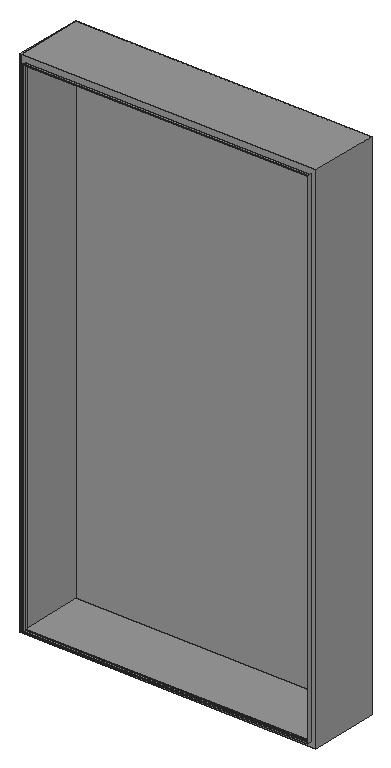
Revit family "Hager-Univers-IP30-D205-H1400-Cl.II-Encl-NoHosted-NL-en", category Equipement électrique, Revit 2020
Family settings
  Configuration du panneau = Deux colonnes, circuits au sein
  Cote de connecteur circulaire = Utiliser le diamètre
  Type d'élément = Tableau de raccordement
  Basée sur le plan de construction = Oui
  Toujours verticalement = Oui
  Couper avec des vides une fois chargée = Non
  Partagée = Non
  Point de calcul de pièce = Non
Parameters (values of type "Surface mounted (plaster) IP30 W800 H1400 D205  - FP93Q1S")
  Width Control [instance] = if([EF000008 - Width] > Min Width, [EF000008 - Width], Min Width)  # 800 mm
  Commentaires du type = [HG000003 - Range]  # "Univers"
  Thickness Door [instance] = if([EF009171 - Material plate thickness door/cover] > 3 mm, 3 mm, [EF009171 - Material plate thickness door/cover])  # 1 mm
  Seal Frame Offset [instance] = 17 mm  # constant formula
  Plinth Visibility [instance] = [HG000027 - Plinth height] > 0 mm  # no
  Min Width [instance] = 100 mm  # constant formula
  Min Depth [instance] = (2 * [EF009170 - Material plate thickness cabinet]) + 1 mm  # 3 mm
  Min Height [instance] = 100 mm  # constant formula
  Internal Frame Depth [instance] = (Door System Depth * 0.5)  # 9 mm
  Panel Name [instance] = ""  # (empty or 0)
  Model = ""
  HG000027 - Plinth height = 0 mm
  HG000026 - Floor standing = no
  HG000024 - Bottom section height = 600 mm
  HG000023 - Double section enclosure = no
  HG000016 - Door 3d visibility [instance] = yes
  HG000015 - Clearance visibility [instance] = no
  HG000014 - Door on the right [instance] = yes
  HG000013 - Door on the left [instance] = not([HG000014 - Door on the right])  # no
  HG000012 - Door swing angle [instance] = 30.00°
  HG000010 - Asymmetric doors = no
  HG000009 - Double swing door = no
  HG000006 - Flush mounted = no
  HG000004 - Manufacturer reference = "FP93Q1S"
  HG000003 - Range = "Univers"
  HG000002 - With door or cover = no
  Frame Offset Bottom [instance] = 10 mm  # constant formula
  Frame Offset [instance] = 15 mm  # constant formula
  EF015940 - Cover with overpressure release = no
  EF011959 - Degree of protection (NEMA) = ""
  EF009554 - Number of openings for flange plates = 6
  EF009212 - Cover model = "EV009916 - With notch"
  EF009171 - Material plate thickness door/cover = 1 mm
  EF009170 - Material plate thickness cabinet = 1 mm
  EF008873 - Nominal current (In) = 250 A
  EF007800 - Suitable for lightning protection = no
  EF006306 - With lock = no
  EF006244 - Transparent cover/door = no
  EF005474 - Degree of protection (IP) = "EV006410 - IP30"
  EF004464 - Type of door = "EV000494 - None"
  EF004427 - Number of modules = 324
  EF004293 - Impact strength = "EV006813 - IK07"
  EF003532 - Suitable for outdoor use = no
  EF002950 - Width in number of modular spacings = 36
  EF001613 - Circuit integrity = "EV000494 - None"
  EF001596 - Material housing = "EV000179 - Steel"
  EF001131 - Internal depth = 130 mm
  EF001088 - Extension possible = yes
  EF000437 - Number of conduit inlets = 6
  EF000339 - Type of cover = "EV000494 - None"
  EF000266 - Number of rows = 9
  EF000218 - Built-in depth = 0 mm
  EF000118 - With mounting plate = no
  EF000116 - RAL-number = "9010"
  EF000049 - Depth = 205 mm
  EF000040 - Height = 1400 mm
  EF000008 - Width = 800 mm
  EF000007 - Colour = "EV000202 - White"
  EF000003 - Mounting method = "EV000384 - Surface mounted (plaster)"
  Door System Leaf Tolerance [instance] = 1.5 mm  # constant formula
  Door System Depth [instance] = 18 mm  # constant formula
  Door Height [instance] = Height Control - [HG000027 - Plinth height]  # 1400 mm
  Description = ""
  Default Elevation = 1219.2 mm
  Connector Offset [instance] = Height Control / 2  # 700 mm
  Fabricant = "Hager"  # constant formula
  Height Control [instance] = if([EF000040 - Height] > Min Height, [EF000040 - Height], Min Height)  # 1400 mm
  Depth Control [instance] = if([EF000049 - Depth] > Min Depth, [EF000049 - Depth], Min Depth)  # 205 mm
  Bottom Top Plate Trim [instance] = 1.5 mm  # constant formula
  Plinth height Ctrl [instance] = if([HG000027 - Plinth height] > 0 mm, [HG000027 - Plinth height], 12 mm)  # 12 mm
Types (5, lengths in mm): name | Width Control | HG000004 - Manufacturer reference | EF009554 - Number of openings for flange plates | EF004427 - Number of modules | EF002950 - Width in number of modular spacings | EF000437 - Number of conduit inlets | EF000008 - Width
  Surface mounted (plaster) IP30 W1050 H1400 D205  - FP94Q1S | 1050 | "FP94Q1S" | 8 | 432 | 48 | 8 | 1050
  Surface mounted (plaster) IP30 W1300 H1400 D205  - FP95Q1S | 1300 | "FP95Q1S" | 10 | 540 | 60 | 10 | 1300
  Surface mounted (plaster) IP30 W300 H1400 D205  - FP91Q1S | 300 | "FP91Q1S" | 2 | 108 | 12 | 2 | 300
  Surface mounted (plaster) IP30 W550 H1400 D205  - FP92Q1S | 550 | "FP92Q1S" | 4 | 216 | 24 | 4 | 550
  Surface mounted (plaster) IP30 W800 H1400 D205  - FP93Q1S | 800 | "FP93Q1S" | 6 | 324 | 36 | 6 | 800
Reference planes
  plane 1 "Center (Front/Back)": y = 0
  plane 2: z = 0
  plane 3 "Center (Left/Right)": x = 0
  plane 4: y = 0
  plane 5: y = 0
  plane 6: z = 0
  plane 7: x = -400
  plane 8: x = 400
  plane 9: x = 399
  plane 10: x = -399
  plane 11: z = 0
  plane 12: z = 1
  plane 13: y = -205
  plane 14: y = -1
  plane 15: x = 0
  plane 16: y = -187
  plane 17: y = -204
  plane 18: y = -186
  plane 19: x = -384
  plane 20: x = 384
  plane 21: z = 11
  plane 22: x = -383
  plane 23: x = 383
  plane 24: z = 0
  plane 25: z = 1400
  plane 26: z = 1400
  plane 27: z = 1384
  plane 28: z = 1399
Forms (mm)
  Extrusion 1, solid, material "Hager_Steel_RAL7035_Light_Grey", detail levels medium+fine
    sketch origin (-208.679, -4572, 0) x (-1, 0, 0) y (0, -1, 0)
      loop
        line (191.321, -4385) -> (-608.679, -4385) -> (-608.679, -4572) -> (191.321, -4572) -> (191.321, -4385)
    from 0 to 1400
  Extrusion 2, void
    sketch origin (-350.771, -205, 1219.2) x (1, 0, 0) y (0, 0, 1)
      loop
        line (-48.229, 179.8) -> (-48.229, -1218.2) -> (749.771, -1218.2) -> (749.771, 179.8) -> (-48.229, 179.8)
    from -19 to -204
  Extrusion 3, void
    sketch origin (-290.084, -187, 1219.2) x (1, 0, 0) y (0, 0, 1)
      loop
        line (-93.916, -1208.2) -> (674.084, -1208.2) -> (674.084, 164.8) -> (-93.916, 164.8) -> (-93.916, -1208.2)
    from 0 to -1
  Extrusion 4, solid, material "Hager_Steel_RAL7035_Light_Grey", visible <- "Plinth Visibility", detail levels medium+fine
    sketch origin (0, 0, 0) x (1, 0, 0) y (0, 1, 0)
      loop
        line (-400, 0) -> (-400, -187) -> (400, -187) -> (400, 0) -> (-400, 0)
    from 0 to 12 <- "Plinth height Ctrl"
  Extrusion 5, solid, material "Hager_Steel_RAL7035_Light_Grey", detail levels coarse
    sketch origin (0, 0, 0) x (1, 0, 0) y (0, 1, 0)
      loop
        line (-400, 0) -> (-400, -205) -> (400, -205) -> (400, 0) -> (-400, 0)
    from 0 to 1400 <- "Height Control"
  Sweep 6, void
    path in 3D
      loop
        line (-400, -187, 12) -> (400, -187, 12) -> (400, 0, 12) -> (-400, 0, 12) -> (-400, -187, 12)
    profile origin (-400, -93.5, 12) x (1, 0, 0) y (0, 0, 1)
      loop
        line (0, 0) -> (0, -1.5) -> (1.5, -1.5)
        arc (1.5, -1.5) -> (1.061, -0.439) -> (0, 0) r 1.5
  Extrusion 7, solid, material "Hager_Steel_RAL7035_Light_Grey", detail levels fine
    sketch origin (-400, -187, 0) x (1, 0, 0) y (0, 0, 1)
      loop
        line (16, 11) -> (784, 11) -> (784, 1384) -> (16, 1384) -> (16, 11)
      loop
        line (15, 10) -> (785, 10) -> (785, 1385) -> (15, 1385) -> (15, 10)
    from 0 to 9 <- "Internal Frame Depth"
Cuts and joins
  Extrusion 2, Extrusion 3 cuts Extrusion 1
  Sweep 6 cuts Extrusion 4
Lines and regions (mm)
  Masking region 1
    outline origin (0, 0, 0) x (1, 0, 0) y (0, 1, 0)
      loop
        line (-400, 0) -> (-400, -205) -> (400, -205) -> (400, 0) -> (-400, 0)
  Masking region 2, detail levels coarse
    outline origin (-290.084, -187, 1219.2) x (-1, 0, 0) y (0, 0, 1)
      loop
        line (-690.084, -1219.2) -> (109.916, -1219.2) -> (109.916, 180.8) -> (-690.084, 180.8) -> (-690.084, -1219.2)
  Masking region 3, detail levels coarse
    outline origin (0, 0, 0) x (0, 1, 0) y (0, 0, 1)
      loop
        line (0, 0) -> (0, 1400) -> (-205, 1400) -> (-205, 0) -> (0, 0)
  Masking region 4, visible <- "Plinth Visibility", detail levels medium+fine
    outline origin (0, 0, 0) x (0, 1, 0) y (0, 0, 1)
      loop
        line (-1.5, 12) -> (-185.5, 12)
        arc (-185.5, 12) -> (-185.939, 10.939) -> (-187, 10.5) r 1.5
        line (-187, 10.5) -> (-187, 0) -> (0, 0) -> (0, 10.5)
        arc (0, 10.5) -> (-1.061, 10.939) -> (-1.5, 12) r 1.5
  Masking region 5, detail levels medium+fine
    outline origin (0, 0, 594.038) x (0, 1, 0) y (0, 0, 1)
      loop
        line (0, -594.038) -> (0, 805.962) -> (-187, 805.962) -> (-187, -594.038) -> (0, -594.038)
  Masking region 6, detail levels medium+fine
    outline origin (-359.7, -187, 1211.883) x (-1, 0, 0) y (0, 0, 1)
      loop
        line (-759.7, -1211.883) -> (40.3, -1211.883) -> (40.3, 188.117) -> (-759.7, 188.117) -> (-759.7, -1211.883)
  Masking region 7, visible <- "Plinth Visibility", detail levels medium+fine
    outline origin (-320.334, -187, 1041.368) x (-1, 0, 0) y (0, 0, 1)
      loop
        line (-720.334, -1041.368) -> (79.666, -1041.368) -> (79.666, -1030.868)
        arc (79.666, -1030.868) -> (78.606, -1030.429) -> (78.166, -1029.368) r 1.5
        line (78.166, -1029.368) -> (-718.834, -1029.368)
        arc (-718.834, -1029.368) -> (-719.273, -1030.429) -> (-720.334, -1030.868) r 1.5
        line (-720.334, -1030.868) -> (-720.334, -1041.368)
  sketch lines
    curve 1: line (-400, 0, 12) -> (-400, -187, 12)
    curve 2: line (-400, -187, 12) -> (400, -187, 12)
    curve 3: line (400, 0, 12) -> (-400, 0, 12)
    curve 4: line (400, -187, 12) -> (400, 0, 12)
Dimensions and locks
  locked: plane 1 "Center (Front/Back)" to plane 5
  "EF009170 - Material plate thickness cabinet": plane 7 to plane 10
  "EF009170 - Material plate thickness cabinet": plane 8 to plane 9
  equal spacing: plane 7, plane 3 "Center (Left/Right)", plane 8
  "Width Control": plane 7 to plane 8
  "Depth Control": plane 4 to plane 13
  "EF009170 - Material plate thickness cabinet": plane 4 to plane 14
  "Height Control": plane 25 to level
  "HG000027 - Plinth height": plane 11 to level
  "EF009170 - Material plate thickness cabinet": plane 12 to plane 11
  "EF009170 - Material plate thickness cabinet": plane 17 to plane 13
  "EF009170 - Material plate thickness cabinet": plane 18 to plane 16
  "Frame Offset Bottom": plane 21 to plane 12
  "Frame Offset": plane 10 to plane 19
  "Frame Offset": plane 9 to plane 20
  "Door System Depth": plane 16 to plane 13
  "Seal Frame Offset": plane 7 to plane 22
  "Seal Frame Offset": plane 8 to plane 23
  "EF009170 - Material plate thickness cabinet": plane 26 to plane 28
  "Frame Offset": plane 28 to plane 27
  "Connector Offset": plane 2 to connector elem
  "Bottom Top Plate Trim": profile plane to Sweep 6 sketch curve
  "Bottom Top Plate Trim": Sweep 6 sketch curve to Sweep 6 sketch curve
  "Plinth height Ctrl": Masking region 4 sketch curve to level
  "Plinth height Ctrl": Masking region 7 sketch curve to level
  "Thickness Door": Extrusion 7 sketch curve to Extrusion 7 sketch curve  (x4)
  "Bottom Top Plate Trim": radius of Sweep 6 sketch curve
  "Bottom Top Plate Trim": radius of Masking region 4 sketch curve  (x2)
  "Bottom Top Plate Trim": radius of Masking region 7 sketch curve  (x2)
  aligned and locked: Extrusion 2 sketch curve to plane 12
  aligned and locked: Extrusion 2 sketch curve to plane 9
  aligned and locked: Extrusion 2 sketch curve to plane 10
  aligned and locked: Extrusion 2 to plane 14
  aligned and locked: Extrusion 1 sketch curve to plane 4
  aligned and locked: plane 8 to Extrusion 1 sketch curve
  aligned and locked: plane 7 to Extrusion 1 sketch curve
  aligned and locked: Extrusion 2 to plane 18
  aligned and locked: Extrusion 3 sketch curve to plane 19
  aligned and locked: plane 20 to Extrusion 3 sketch curve
  aligned and locked: Extrusion 3 to Extrusion 2
  aligned and locked: Extrusion 3 sketch curve to plane 21
  aligned and locked: plane 3 "Center (Left/Right)" to nested 1
  aligned and locked: Extrusion 1 sketch curve to plane 16
  aligned and locked: Extrusion 4 sketch curve to cut or joined group of Extrusion 1, Extrusion 2, Extrusion 3
  aligned and locked: Masking region 1 sketch curve to plane 7
  aligned and locked: Masking region 1 sketch curve to plane 5
  aligned and locked: Masking region 1 sketch curve to plane 8
  aligned and locked: Masking region 2 sketch curve to level
  aligned and locked: level to Masking region 3 sketch curve
  aligned and locked: plane 1 "Center (Front/Back)" to Masking region 3 sketch curve
  aligned and locked: plane 13 to Masking region 3 sketch curve
  aligned and locked: plane 5 to Masking region 4 sketch curve
  aligned and locked: Masking region 2 sketch curve to plane 8
  aligned and locked: Masking region 2 sketch curve to plane 7
  aligned and locked: plane 7 to nested 2
  aligned and locked: nested 2 to plane 5
  aligned and locked: plane 5 to Masking region 5 sketch curve
  aligned and locked: plane 26 to Masking region 5 sketch curve
  aligned and locked: Extrusion 5 sketch curve to plane 8
  aligned and locked: Extrusion 5 sketch curve to plane 7
  aligned and locked: Extrusion 5 sketch curve to plane 5
  aligned and locked: Extrusion 3 sketch curve to plane 27
  aligned and locked: Extrusion 2 sketch curve to plane 28
  aligned and locked: Masking region 2 to plane 25
  aligned and locked: Extrusion 4 to plane 16
  aligned and locked: profile plane to Sweep 6 sketch curve
  aligned and locked: Masking region 5 sketch curve to plane 24
  aligned and locked: level to Masking region 4 sketch curve
  aligned and locked: Masking region 1 to plane 13
  aligned and locked: nested 1 to plane 16
  aligned and locked: Masking region 3 to plane 25
  aligned and locked: plane 16 to Masking region 4 sketch curve
  aligned and locked: Masking region 5 sketch curve to plane 16
  aligned and locked: plane 24 to plane 11
  aligned and locked: plane 26 to plane 25
  aligned and locked: plane 26 to cut or joined group of Extrusion 1, Extrusion 2, Extrusion 3
  aligned and locked: nested 1 to plane 24
  aligned and locked: Extrusion 1 to Extrusion 3
  aligned and locked: Masking region 6 sketch curve to plane 8
  aligned and locked: Masking region 6 sketch curve to plane 24
  aligned and locked: Masking region 6 sketch curve to plane 7
  aligned and locked: Masking region 6 sketch curve to plane 26
  aligned and locked: Masking region 7 sketch curve to plane 7
  aligned and locked: level to Masking region 7 sketch curve
  aligned and locked: Masking region 7 sketch curve to plane 8
  aligned and locked: Extrusion 7 sketch curve to cut or joined group of Extrusion 1, Extrusion 2, Extrusion 3  (x4)
Automatic sketch dimensions
  plane 19 to Extrusion 3 sketch curve = 0 mm
  Extrusion 3 sketch curve to plane 20 = 0 mm
  Extrusion 3 sketch curve to plane 21 = 0 mm
  Extrusion 4 sketch curve to plane 7 = 0 mm
  Extrusion 4 sketch curve to plane 8 = 0 mm
  Extrusion 4 sketch curve to plane 16 = 0 mm
  Masking region 1 sketch curve to plane 13 = 0 mm
  Masking region 2 sketch curve to plane 25 = 0 mm
  Masking region 3 sketch curve to plane 25 = 0 mm
  Extrusion 5 sketch curve to plane 13 = 0 mm
  profile plane to Sweep 6 sketch curve = 0 mm
Nested families
  nested 1: "EC000058_Univers_Door" at (0, -187, 0), Double <- "HG000009 - Double swing door", Transparent <- "EF006244 - Transparent cover/door", Angle <- "HG000012 - Door swing angle", Door_Right <- "HG000014 - Door on the right", Assymetrical <- "HG000010 - Asymmetric doors", Door <- "HG000002 - With door or cover", Width_Ctrl <- "Width Control", 3d_Door <- "HG000016 - Door 3d visibility", Clearance <- "HG000015 - Clearance visibility", Door_Left <- "HG000013 - Door on the left", Width <- "Width Control", Door_Depth <- "Door System Depth", Leaf_Tolerance <- "Door System Leaf Tolerance", Height <- "Door Height", Lock_Visibility <- "EF006306 - With lock", Thickness <- "Thickness Door", type "EC000058_Univers_Door", detail levels medium+fine
    with min_wh 3 mm, Width_Ctrl 800 mm, Width 800 mm, Transparent no, Thickness 1 mm, Seal_Material Hager_Rubber, Lock_Visibility no, Lock_Material Hager_Plastic_RAL9005_Jet_Black, Leaf_Width 800 mm, Leaf_Tolerance_External_Sides 0 mm, Leaf_Tolerance 1.5 mm, Leaf_Offset 0 mm, Leaf_Height 1397 mm, Leaf_2_Width 800 mm, Leaf_2_Offset 400 mm, Leaf_1_Width 800 mm, Leaf_1_Offset 400 mm, Height_Ctrl 1400 mm, Height 1400 mm, Glass_Material Hager_Glass, Double_Clearance_Ctrl no, Double no, Door_Right_Ctrl no, Door_Right yes, Door_Material Hager_Steel_RAL7035_Light_Grey, Door_Left_Ctrl no, Door_Left no, Door_Depth 18 mm, Door no, Clearance_Material Hager_Clearance, Clearance_Depth 800 mm, Clearance_Ctrl no, Clearance no, Assymetrical no, Angle 30.00°, 3d_Door yes
  nested 2: "Hager_Enclosure_Symbol" at (-400, 0, 0), Height <- "Depth Control", Width <- "Width Control", type "Hager_Enclosure_Symbol"
    with Width_Ctrl 800 mm, Width 800 mm, Height_Ctrl 205 mm, Height 205 mm, A_Width_Int 13.453 mm, A_Width 161.438 mm, A_Height_Ctrl 179.375 mm, A_Height 179.375 mm
Connectors
  electrical at (0, 0, 700)
    settings: on plane 1 "Center (Front/Back)", index 1, voltage 0 V, apparent load 0 VA, apparent load phase1 0 VA, apparent load phase2 0 VA, apparent load phase3 0 VA, power factor 1, load classification "Other", number of poles 1, system type 30, power factor state 1, is connector primary yes, connector utility no, sub classification motor no, connector description ""
Definition of nested family "EC000058_Univers_Door"
  Parameters (values of type "EC000058_Univers_Door")
    min_wh [instance] = (2 * Thickness) + 1 mm  # 11 mm
    Width_Ctrl [instance] = 400 mm
    Width [instance] = 500 mm
    Transparent [instance] = yes
    Thickness [instance] = 5 mm
    Seal_Material [instance] = none
    Lock_Visibility [instance] = yes
    Lock_Material [instance] = none
    Leaf_Width [instance] = if((Width_Ctrl - 2 * Leaf_Tolerance_External_Sides) > 0 mm, (Width_Ctrl - 2 * Leaf_Tolerance_External_Sides), min_wh)  # 400 mm
    Leaf_Tolerance_External_Sides [instance] = 0 mm  # constant formula
    Leaf_Tolerance [instance] = 1.5 mm
    Leaf_Offset [instance] = 0 mm  # constant formula
    Leaf_Height [instance] = if((Height_Ctrl - 2 * Leaf_Tolerance) > 0 mm, (Height_Ctrl - 2 * Leaf_Tolerance), min_wh)  # 497 mm
    Leaf_2_Width [instance] = if(and(and(Double, Assymetrical), Door_Left), (Leaf_Width / 3) - (Leaf_Tolerance / 2), if(and(and(Double, Assymetrical), Door_Right), (Leaf_Width / 3) * 2 - (Leaf_Tolerance / 2), if(and(Double, not(Assymetrical)), (Leaf_Width / 2) - Leaf_Tolerance, Leaf_Width)))  # 400 mm
    Leaf_2_Offset [instance] = if(and(Double, Assymetrical), Leaf_2_Width / 2, if(and(Double, not(Assymetrical)), Leaf_Width / 4, Leaf_Width / 2))  # 200 mm
    Leaf_1_Width [instance] = if(and(and(Double, Assymetrical), Door_Right), (Leaf_Width / 3) - (Leaf_Tolerance / 2), if(and(and(Double, Assymetrical), Door_Left), (Width / 3) * 2 - (Leaf_Tolerance / 2), if(and(Double, not(Assymetrical)), (Leaf_Width / 2) - Leaf_Tolerance, Leaf_Width)))  # 400 mm
    Leaf_1_Offset [instance] = if(and(Double, Assymetrical), Leaf_1_Width / 2, if(and(Double, not(Assymetrical)), Leaf_Width / 4, Leaf_Width / 2))  # 200 mm
    Height_Ctrl [instance] = if(Height > min_wh, Height, min_wh)  # 500 mm
    Height [instance] = 500 mm
    Glass_Material [instance] = none
    Double_Clearance_Ctrl [instance] = and(Double, Clearance)  # no
    Double [instance] = no
    Door_Right_Ctrl [instance] = and(or(Door_Right, Double), Door)  # yes
    Door_Right [instance] = yes
    Door_Material [instance] = none
    Door_Left_Ctrl [instance] = and(or(Door_Left, Double), Door)  # no
    Door_Left [instance] = no
    Door_Depth [instance] = 30 mm
    Door [instance] = yes
    Default Elevation = 1219.2 mm
    Clearance_Material [instance] = none
    Clearance_Depth [instance] = if(Leaf_1_Width > Leaf_2_Width, Leaf_1_Width, Leaf_2_Width)  # 400 mm
    Clearance_Ctrl [instance] = and(not(Double), Clearance)  # yes
    Clearance [instance] = yes
    Assymetrical [instance] = yes
    Angle [instance] = 30.00°
    3d_Door [instance] = yes
  Reference planes
    plane 1 "Center (Front/Back)": y = 0
    plane 2 "Bottom": z = 0
    plane 3 "Center (Left/Right)": x = 0
    plane 4: z = 500
    plane 5: x = -200
    plane 6: x = 200
    plane 7: z = 500
    plane 8: x = -200
    plane 9: z = 0
    plane 10: x = 200
    plane 11: y = 0
    plane 12: z = 1.5
    plane 13: x = -600
    plane 14: y = -400
    plane 15: x = 600
    plane 16: x = 0
    plane 17: x = 0
    plane 18: x = -200
    plane 19: x = 200
    plane 20: z = 498.5
  Forms (mm)
    Extrusion 1, solid, material <- "Clearance_Material", visible <- "Double_Clearance_Ctrl"
      sketch origin (1200, 0, 0) x (1, 0, 0) y (0, 0, -1)
        loop
          line (-1800, -498.5) -> (-600, -498.5) -> (-600, 0) -> (-1800, 0) -> (-1800, -498.5)
      from 0 to -400
  Dimensions and locks
    equal spacing: plane 5, plane 3 "Center (Left/Right)", plane 6
    "Width_Ctrl": plane 5 to plane 6
    "Leaf_Offset": plane 5 to plane 8
    "Leaf_Offset": plane 6 to plane 10
    "Leaf_Offset": plane 9 to level
    "Leaf_Offset": plane 4 to plane 7
    "Height_Ctrl": plane 4 to level
    "Leaf_Tolerance": plane 12 to plane 9
    locked: plane 11 to plane 1 "Center (Front/Back)"
    "Leaf_1_Offset": plane 18 to plane 16
    "Leaf_2_Offset": plane 17 to plane 19
    "Leaf_1_Width": plane 13 to plane 8
    "Leaf_2_Width": plane 10 to plane 15
    "Clearance_Depth": plane 14 to plane 1 "Center (Front/Back)"
    "Leaf_Tolerance_External_Sides": plane 8 to plane 18
    "Leaf_Tolerance_External_Sides": plane 19 to plane 10
    "Leaf_Tolerance": plane 7 to plane 20
    aligned and locked: level to plane 2 "Bottom"
    aligned and locked: nested 1 to plane 16
    aligned and locked: nested 2 to plane 17
    aligned and locked: Extrusion 1 to plane 13
    aligned and locked: plane 15 to Extrusion 1
    aligned and locked: Extrusion 1 to plane 14
    aligned and locked: plane 12 to nested 1
    aligned and locked: nested 2 to plane 12
    aligned and locked: Extrusion 1 to plane 11
    aligned and locked: plane 20 to Extrusion 1
    aligned and locked: nested 2 to plane 11
    aligned and locked: nested 1 to plane 11
  Automatic sketch dimensions
    Extrusion 1 sketch curve to level = 0 mm
    plane 5 to Extrusion 1 sketch curve = 400 mm
    plane 6 to Extrusion 1 sketch curve = 400 mm
    Extrusion 1 sketch curve to plane 4 = 1.5 mm
  Nested families
    nested 1: "EC000058_Univers_Door_Leaf" at (0, 0, 1.5), Width <- "Leaf_1_Width", visible <- "Door_Left_Ctrl", Leaf_Height <- "Leaf_Height", Angle <- "Angle", 3d_Door <- "3d_Door", Transparent <- "Transparent", Clearance Material <- "Clearance_Material", Clearance <- "Clearance_Ctrl", Door_Material <- "Door_Material", Glass_Material <- "Glass_Material", Door_Depth <- "Door_Depth", Lock_Material <- "Lock_Material", Seal_Material <- "Seal_Material", Lock_Visibility <- "Lock_Visibility", Thickness <- "Thickness", type "EC000058_Univers_Door_Leaf"
      with Width 400 mm, Transparent_Glass_Offset 30 mm, Transparent_Ctrl yes, Transparent yes, Thickness 5 mm, Standard no, Seal_Material none, Seal_D2 8 mm, Seal_D1 1 mm, Offset_Internal_Frame 10 mm, Lock_Width 20 mm, Lock_Visibility_3d yes, Lock_Visibility yes, Lock_Thickness_3 3 mm, Lock_Thickness_2 1 mm, Lock_Thickness_1 3 mm, Lock_Radius_Offset_2 16 mm, Lock_Radius_Offset_1 15 mm, Lock_Radius_2 5 mm, Lock_Radius 6 mm, Lock_Offset 5 mm, Lock_Material none, Lock_Height 80 mm, Lock_Cover_Top_Offset_2d 17 mm, Lock_Cover_Height -65 mm, Leaf_Height 497 mm, Internal_Seal_Thickness 8 mm, Internal_Seal_Depth_2 4.5 mm, Internal_Frame_Depth 25 mm, Glass_Thickness -1 mm, Glass_Offset -2 mm, Glass_Material none, Door_Material none, Door_Depth 30 mm, Clearance Material none, Clearance yes, Angle_Ctrl 30.00°, Angle 30.00°, 3d_Door yes
    nested 2: "EC000058_Univers_Door_Leaf" at (0, 0, 1.5) x (-1, 0, 0) z (0, 0, 1), Width <- "Leaf_2_Width", visible <- "Door_Right_Ctrl", Leaf_Height <- "Leaf_Height", Angle <- "Angle", 3d_Door <- "3d_Door", Transparent <- "Transparent", Clearance Material <- "Clearance_Material", Clearance <- "Clearance_Ctrl", Door_Material <- "Door_Material", Glass_Material <- "Glass_Material", Door_Depth <- "Door_Depth", Lock_Material <- "Lock_Material", Seal_Material <- "Seal_Material", Lock_Visibility <- "Lock_Visibility", Thickness <- "Thickness", type "EC000058_Univers_Door_Leaf"
      with Width 400 mm, Transparent_Glass_Offset 30 mm, Transparent_Ctrl yes, Transparent yes, Thickness 5 mm, Standard no, Seal_Material none, Seal_D2 8 mm, Seal_D1 1 mm, Offset_Internal_Frame 10 mm, Lock_Width 20 mm, Lock_Visibility_3d yes, Lock_Visibility yes, Lock_Thickness_3 3 mm, Lock_Thickness_2 1 mm, Lock_Thickness_1 3 mm, Lock_Radius_Offset_2 16 mm, Lock_Radius_Offset_1 15 mm, Lock_Radius_2 5 mm, Lock_Radius 6 mm, Lock_Offset 5 mm, Lock_Material none, Lock_Height 80 mm, Lock_Cover_Top_Offset_2d 17 mm, Lock_Cover_Height -65 mm, Leaf_Height 497 mm, Internal_Seal_Thickness 8 mm, Internal_Seal_Depth_2 4.5 mm, Internal_Frame_Depth 25 mm, Glass_Thickness -1 mm, Glass_Offset -2 mm, Glass_Material none, Door_Material none, Door_Depth 30 mm, Clearance Material none, Clearance yes, Angle_Ctrl 30.00°, Angle 30.00°, 3d_Door yes
  Definition of nested family "EC000058_Univers_Door_Leaf"
    Parameters (values of type "EC000058_Univers_Door_Leaf")
      Width [instance] = 2000 mm
      Transparent_Glass_Offset [instance] = 30 mm
      Transparent_Ctrl [instance] = and(Transparent, [3d_Door])  # yes
      Transparent [instance] = yes
      Thickness [instance] = 5 mm
      Standard [instance] = and(not(Transparent), [3d_Door])  # no
      Seal_Material [instance] = none
      Seal_D2 [instance] = 8 mm  # constant formula
      Seal_D1 [instance] = 1 mm  # constant formula
      Offset_Internal_Frame [instance] = 10 mm  # constant formula
      Lock_Width [instance] = 20 mm  # constant formula
      Lock_Visibility_3d [instance] = and(Lock_Visibility, [3d_Door])  # yes
      Lock_Visibility [instance] = yes
      Lock_Thickness_3 [instance] = 3 mm  # constant formula
      Lock_Thickness_2 [instance] = 1 mm  # constant formula
      Lock_Thickness_1 [instance] = 3 mm  # constant formula
      Lock_Radius_Offset_2 [instance] = Lock_Radius_Offset_1 + 1 mm  # 16 mm
      Lock_Radius_Offset_1 [instance] = 15 mm  # constant formula
      Lock_Radius_2 [instance] = Lock_Radius - 1 mm  # 5 mm
      Lock_Radius [instance] = 6 mm  # constant formula
      Lock_Offset [instance] = 5 mm  # constant formula
      Lock_Material [instance] = none
      Lock_Height [instance] = 80 mm  # constant formula
      Lock_Cover_Top_Offset_2d [instance] = Lock_Radius_Offset_2 + 1 mm  # 17 mm
      Lock_Cover_Height [instance] = -(Lock_Height - Lock_Radius_Offset_1)  # -65 mm
      Leaf_Height [instance] = 2720.336 mm
      Internal_Seal_Thickness [instance] = 8 mm  # constant formula
      Internal_Seal_Depth_2 [instance] = 4.5 mm  # constant formula
      Internal_Frame_Depth [instance] = if(Door_Depth - Thickness > 5 mm, Door_Depth - Thickness, 5 mm)  # 25 mm
      Glass_Thickness [instance] = if(Thickness > 15 mm, Glass_Offset + 10 mm, -1 mm)  # -1 mm
      Glass_Offset [instance] = if(Thickness > 15 mm, -(Thickness + 10 mm) / 2, -2 mm)  # -2 mm
      Glass_Material [instance] = none
      Door_Material [instance] = none
      Door_Depth [instance] = 30 mm
      Default Elevation = 0 mm
      Clearance Material [instance] = none
      Clearance [instance] = yes
      Angle_Ctrl [instance] = if(Angle > 180.00°, 180.00°, Angle)  # 90.00°
      Angle [instance] = 90.00°
      3d_Door [instance] = yes
    Reference planes
      plane 1 "Center (Front/Back)": y = 0
      plane 2: z = 0
      plane 3 "Center (Left/Right)": x = 0
      plane 4: y = 2000
      plane 5: x = -1000
      plane 6: x = 1000
      plane 7: x = -3000
      plane 8: z = 2720.336
      plane 9: z = 30
      plane 10: z = 2690.336
      plane 11: x = 970
      plane 12: x = -970
      plane 13: y = -3
      plane 14: z = 107.833
      plane 15: y = -5
      plane 16: y = -223.314
      plane 17: x = -1000
      plane 18: z = 1360.168
      plane 19: y = 30
    Forms (mm)
      Extrusion 1, solid, material <- "Clearance Material", visible <- "Clearance"
        sketch origin (0, 0, 0) x (1, 0, 0) y (0, 0, 1)
          loop
            line (-3000, 2720.336) -> (-3000, 0) -> (1000, 0) -> (1000, 2720.336) -> (-3000, 2720.336)
        from 0 to -2000
      Extrusion 2, solid, material <- "Door_Material", visible <- "Standard", detail levels medium+fine
        sketch origin (-1000, 0, 0) x (0, 1, 0) y (-1, 0, 0)
          loop
            line (0, 30) -> (0, 25) -> (2000, 25) -> (2000, 30) -> (0, 30)
        from 0 to 2720.336 <- "Leaf_Height"
      Extrusion 3, solid, material <- "Door_Material", visible <- "Transparent_Ctrl", detail levels medium+fine
        sketch origin (-1000, 0, 0) x (0, 1, 0) y (-1, 0, 0)
          loop
            line (0, 25) -> (2000, 25) -> (2000, 30) -> (0, 30) -> (0, 25)
        from 0 to 2720.336 <- "Leaf_Height"
      Extrusion 4, void
        sketch origin (-1025, 2000, 0) x (0, 1, 0) y (0, 0, -1)
          loop
            line (-30, -2690.336) -> (-30, -30) -> (-1970, -30) -> (-1970, -2690.336) -> (-30, -2690.336)
        from 0 to 5 <- "Thickness"
      Sweep 5, solid, material <- "Seal_Material", visible <- "Transparent_Ctrl", detail levels fine
        path in 3D
          loop
            line (-1025, 30, 30) -> (-1025, 30, 2690.336) -> (-1025, 1970, 2690.336) -> (-1025, 1970, 30) -> (-1025, 30, 30)
        profile origin (-1025, 1000, 30) x (1, 0, 0) y (0, 0, 1)
          loop
            line (0, 0) -> (0, -8) -> (1, -8) -> (1, 0) -> (0, 0)
      Extrusion 6, solid, material <- "Glass_Material", visible <- "Transparent_Ctrl", detail levels medium+fine
        sketch origin (-1030, 0, 0) x (0, 1, 0) y (0, 0, -1)
          loop
            line (1970, -2690.336) -> (1970, -30) -> (30, -30) -> (30, -2690.336) -> (1970, -2690.336)
        from -2 <- "Glass_Offset" to -1 <- "Glass_Thickness"
      Extrusion 7, solid, material <- "Door_Material", visible <- "3d_Door", detail levels medium+fine
        sketch origin (-1025, 2000, 0) x (0, -1, 0) y (0, 0, -1)
          loop
            line (0, -2720.336) -> (2000, -2720.336) -> (2000, 0) -> (0, 0) -> (0, -2720.336)
          loop
            line (1995, -5) -> (5, -5) -> (5, -2715.336) -> (1995, -2715.336) -> (1995, -5)
        from 0 to 25 <- "Internal_Frame_Depth"
      Sweep 8, solid, material <- "Seal_Material", visible <- "Transparent_Ctrl", detail levels fine
        path in 3D
          loop
            line (-1025, 0, 0) -> (-1025, 2000, 0) -> (-1025, 2000, 2720.336) -> (-1025, 0, 2720.336) -> (-1025, 0, 0)
        profile origin (-1025, 0, 1360.168) x (1, 0, 0) y (0, 1, 0)
          loop
            line (0, 10) -> (2.975, 10)
            arc (2.975, 10) -> (4.053, 10.447) -> (4.5, 11.525) r 1.525
            line (4.5, 11.525) -> (4.5, 16.527)
            arc (4.5, 16.527) -> (4.069, 17.569) -> (3.027, 18) r 1.473
            line (3.027, 18) -> (0, 18) -> (0, 10)
      Extrusion 9, solid, material <- "Lock_Material", visible <- "Lock_Visibility_3d", detail levels fine
        sketch origin (-1030, 0, 0) x (0, 1, 0) y (0, 0, -1)
          loop
            arc (1993.5, -1400.168) -> (1994.561, -1399.729) -> (1995, -1398.668) r 1.5
            line (1995, -1398.668) -> (1995, -1320.168) -> (1975, -1320.168) -> (1975, -1398.668)
            arc (1975, -1398.668) -> (1975.439, -1399.729) -> (1976.5, -1400.168) r 1.5
            line (1976.5, -1400.168) -> (1993.5, -1400.168)
        from 3 <- "Lock_Thickness_1" to 0
      Blend 10, solid, material <- "Lock_Material", visible <- "Lock_Visibility_3d", detail levels fine
        base sketch origin (-1033, 0, 0) x (0, 1, 0) y (0, 0, -1)
          loop
            line (1975, -1320.168) -> (1975, -1398.668)
            arc (1975, -1398.668) -> (1975.439, -1399.729) -> (1976.5, -1400.168) r 1.5
            line (1976.5, -1400.168) -> (1993.5, -1400.168)
            arc (1993.5, -1400.168) -> (1994.561, -1399.729) -> (1995, -1398.668) r 1.5
            line (1995, -1398.668) -> (1995, -1320.168) -> (1975, -1320.168)
        top sketch origin (-1033, 0, 0) x (0, 1, 0) y (0, 0, -1)
          loop
            line (1976, -1320.168) -> (1976, -1398.668)
            arc (1976, -1398.668) -> (1976.146, -1399.022) -> (1976.5, -1399.168) r 0.5
            line (1976.5, -1399.168) -> (1993.5, -1399.168)
            arc (1993.5, -1399.168) -> (1993.854, -1399.022) -> (1994, -1398.668) r 0.5
            line (1994, -1398.668) -> (1994, -1320.168) -> (1976, -1320.168)
        from 0 to 1 <- "Lock_Thickness_2"
      Blend 11, solid, material <- "Lock_Material", visible <- "Lock_Visibility_3d", detail levels fine
        base sketch origin (-1034, 0, 0) x (0, 1, 0) y (0, 0, -1)
          loop
            line (1978, -1320.168) -> (1978, -1384.168)
            arc (1978, -1384.168) -> (1985, -1391.168) -> (1992, -1384.168) r 7
            line (1992, -1384.168) -> (1992, -1320.168) -> (1978, -1320.168)
        top sketch origin (-1034, 0, 0) x (0, 1, 0) y (0, 0, -1)
          loop
            line (1991, -1320.168) -> (1979, -1320.168) -> (1979, -1383.168)
            arc (1979, -1383.168) -> (1985, -1389.168) -> (1991, -1383.168) r 6
            line (1991, -1383.168) -> (1991, -1320.168)
        from 0 to 3 <- "Lock_Thickness_3"
      Extrusion 12, solid, material <- "Lock_Material", visible <- "Lock_Visibility_3d", detail levels fine
        sketch origin (-1030, 1975, 1320.168) x (1, 0, 0) y (0, -1, 0)
          loop
            line (-7, -19) -> (-7, -1) -> (0, -1) -> (0, 0) -> (-8, 0) -> (-8, -20) -> (0, -20) -> (0, -19) -> (-7, -19)
        from 0 to -65 <- "Lock_Cover_Height"
      Extrusion 13, void
        sketch origin (-1038, 1995, 1320.168) x (-1, 0, 0) y (0, 0, -1)
          loop
            line (-5, -65) -> (0, -65) -> (-5, -60) -> (-5, -65)
        from 0 to 20 <- "Lock_Width"
      Extrusion 14, void
        sketch origin (-1038, 1975, 1320.168) x (0, -1, 0) y (0, 0, -1)
          loop
            circle (-10, -15.995) r 6
          loop
            circle (-10, -15.995) r 5
        from 0 to 2
      Extrusion 15, solid, material <- "Lock_Material", visible <- "Lock_Visibility_3d", detail levels medium
        sketch origin (-1030, 0, 0) x (0, 1, 0) y (0, 0, -1)
          loop
            arc (1993.5, -1400.168) -> (1994.561, -1399.729) -> (1995, -1398.668) r 1.5
            line (1995, -1398.668) -> (1995, -1320.168) -> (1975, -1320.168) -> (1975, -1398.668)
            arc (1975, -1398.668) -> (1975.439, -1399.729) -> (1976.5, -1400.168) r 1.5
            line (1976.5, -1400.168) -> (1993.5, -1400.168)
        from 8 to 0
    Cuts and joins
      Extrusion 4 cuts Extrusion 3
      Extrusion 13, Extrusion 14 cuts Extrusion 9
      Extrusion 14 cuts Blend 11
      Extrusion 13, Extrusion 14 cuts Extrusion 12
      joined: Extrusion 9, Blend 10, Blend 11, Extrusion 12
      Extrusion 14 cuts Extrusion 15
    Lines and regions (mm)
      Masking region 1, visible <- "Lock_Visibility", detail levels fine
        outline origin (0, 0, 0) x (0, 1, 0) y (0, 0, 1)
          loop
            line (30, 1320.168) -> (33, 1320.168) -> (33, 1400.168) -> (30, 1400.168) -> (30, 1320.168)
      Masking region 2, visible <- "Lock_Visibility", detail levels fine
        outline origin (0, 3.143, 0) x (0, 1, 0) y (0, 0, 1)
          loop
            line (29.857, 1354.168) -> (30.857, 1354.168) -> (30.857, 1366.168) -> (29.857, 1366.168) -> (29.857, 1354.168)
      Masking region 3, detail levels medium+fine
        outline origin (0, 0, 0) x (0, 1, 0) y (0, 0, 1)
          loop
            line (0, 0) -> (30, 0) -> (30, 2720.336) -> (0, 2720.336) -> (0, 0)
      Masking region 4, detail levels medium+fine
        outline origin (0, 0, 0) x (1, 0, 0) y (0, 0, 1)
          loop
            line (-1000, 2720.336) -> (-1000, 0) -> (1000, 0) -> (1000, 2720.336) -> (-1000, 2720.336)
      Masking region 5, visible <- "Lock_Visibility", detail levels fine
        outline origin (-47.116, 0, 0) x (1, 0, 0) y (0, 0, 1)
          loop
            arc (1024.616, 1399.168) -> (1023.556, 1398.729) -> (1023.116, 1397.668) r 1.5
            line (1023.116, 1397.668) -> (1023.116, 1320.168) -> (1041.116, 1320.168) -> (1041.116, 1397.668)
            arc (1041.116, 1397.668) -> (1040.677, 1398.729) -> (1039.616, 1399.168) r 1.5
            line (1039.616, 1399.168) -> (1024.616, 1399.168)
      Masking region 6, visible <- "Lock_Visibility", detail levels medium+fine
        outline origin (-25, 0, 0) x (1, 0, 0) y (0, 0, 1)
          loop
            arc (1001.5, 1400.168) -> (1000.439, 1399.729) -> (1000, 1398.668) r 1.5
            line (1000, 1398.668) -> (1000, 1320.168) -> (1020, 1320.168) -> (1020, 1398.668)
            arc (1020, 1398.668) -> (1019.561, 1399.729) -> (1018.5, 1400.168) r 1.5
            line (1018.5, 1400.168) -> (1001.5, 1400.168)
      Masking region 7, visible <- "Lock_Visibility", detail levels fine
        outline origin (-73.735, 0, 0) x (1, 0, 0) y (0, 0, 1)
          loop
            line (1051.735, 1382.168) -> (1065.735, 1382.168) -> (1065.735, 1384.168)
            arc (1065.735, 1384.168) -> (1058.735, 1391.168) -> (1051.735, 1384.168) r 7
            line (1051.735, 1384.168) -> (1051.735, 1382.168)
      Masking region 8, visible <- "Lock_Visibility", detail levels fine
        outline origin (-73.735, 0, 0) x (1, 0, 0) y (0, 0, 1)
          loop
            line (1052.735, 1382.168) -> (1064.735, 1382.168) -> (1064.735, 1383.168)
            arc (1064.735, 1383.168) -> (1058.735, 1389.168) -> (1052.735, 1383.168) r 6
            line (1052.735, 1383.168) -> (1052.735, 1382.168)
      Masking region 9, visible <- "Lock_Visibility", detail levels fine
        outline origin (-25, 0, 0) x (1, 0, 0) y (0, 0, 1)
          loop
            line (1020, 1320.168) -> (1020, 1382.168) -> (1000, 1382.168) -> (1000, 1320.168) -> (1020, 1320.168)
      Masking region 10, detail levels medium+fine
        outline origin (0, 0, 0) x (1, 0, 0) y (0, 0, 1)
          loop
            circle (985, 1335.144) r 6
      Masking region 11, detail levels fine
        outline origin (0, 0, 0) x (1, 0, 0) y (0, 0, 1)
          loop
            circle (985, 1335.144) r 5
      Masking region 12, visible <- "Lock_Visibility", detail levels fine
        outline origin (0, 12.767, 0) x (0, 1, 0) y (0, 0, 1)
          loop
            line (20.233, 1320.168) -> (21.233, 1320.168) -> (21.233, 1399.168) -> (20.233, 1400.168) -> (20.233, 1320.168)
      Masking region 13, visible <- "Lock_Visibility", detail levels fine
        outline origin (0, 13.767, -10) x (0, 1, 0) y (0, 0, 1)
          loop
            line (20.233, 1330.168) -> (23.233, 1330.168) -> (23.233, 1399.168) -> (20.233, 1402.168) -> (20.233, 1330.168)
      Masking region 14, visible <- "Lock_Visibility", detail levels fine
        outline origin (0, 12.767, -10) x (0, 1, 0) y (0, 0, 1)
          loop
            line (20.233, 1330.168) -> (25.233, 1330.168) -> (25.233, 1399.305) -> (20.233, 1394.305) -> (20.233, 1330.168)
      Masking region 15, visible <- "Lock_Visibility", detail levels medium
        outline origin (0, 0, 0) x (0, 1, 0) y (0, 0, 1)
          loop
            line (30, 1320.168) -> (38, 1320.168) -> (38, 1400.168) -> (30, 1400.168) -> (30, 1320.168)
      Masking region 16, visible <- "Lock_Visibility", detail levels fine
        outline origin (-1000, 0, 0) x (0, 1, 0) y (-1, 0, 0)
          loop
            line (1975, 30) -> (1995, 30) -> (1995, 38) -> (1975, 38) -> (1975, 30)
          loop
            line (1979, 37) -> (1976, 37) -> (1976, 34) -> (1978, 34) -> (1979, 37)
          loop
            line (1994, 37) -> (1991, 37) -> (1992, 34) -> (1994, 34) -> (1994, 37)
      Masking region 17, visible <- "Lock_Visibility", detail levels medium
        outline origin (-1000, 0, 0) x (0, 1, 0) y (-1, 0, 0)
          loop
            line (1975, 30) -> (1995, 30) -> (1995, 38) -> (1975, 38) -> (1975, 30)
      symbolic lines
        curve 1: line (1000, 0, 0) -> (-3000, 0, 0)
        curve 2: arc (1000, 0, 0) -> (-1000, 2000, 0) -> (-3000, 0, 0) r 2000
        curve 4: line (-1030, 0, 0) -> (-1030, 2000, 0)
      reference lines
        curve 3: line (-1000, 0, 0) -> (-1000, 2000, 0)
      symbolic lines, detail levels medium+fine
        curve 5: line (-1030, 2000, 0) -> (-1025, 2000, 0)
        curve 7: line (-1025, 0, 0) -> (-1030, 0, 0)
        curve 8: line (-1025, 0, 0) -> (-1000, 0, 0)
        curve 9: line (-1000, 0, 0) -> (-1000, 2000, 0)
        curve 10: line (-1000, 2000, 0) -> (-1025, 2000, 0)
      symbolic lines, detail levels fine
        curve 6: line (-1025, 2000, 0) -> (-1025, 0, 0)
      sketch lines
        curve 11: line (-1025, 0, 2720.336) -> (-1025, 0, 0)
        curve 12: line (-1025, 2000, 0) -> (-1025, 0, 0)
        curve 13: line (-1025, 2000, 2720.336) -> (-1025, 2000, 0)
        curve 14: line (-1025, 0, 2720.336) -> (-1025, 2000, 2720.336)
        curve 15: line (-1025, 1970, 30) -> (-1025, 30, 30)
        curve 16: line (-1025, 30, 30) -> (-1025, 30, 2690.336)
        curve 17: line (-1025, 1970, 2690.336) -> (-1025, 1970, 30)
        curve 18: line (-1025, 30, 2690.336) -> (-1025, 1970, 2690.336)
      symbolic lines, visible <- "Transparent", detail levels medium+fine
        curve 19: line (-970, 0, 2690.336) -> (970, 0, 2690.336)
        curve 20: line (-970, 0, 30) -> (-970, 0, 2690.336)
        curve 21: line (970, 0, 30) -> (-970, 0, 30)
        curve 22: line (970, 0, 2690.336) -> (970, 0, 30)
    Dimensions and locks
      "Width": plane 1 "Center (Front/Back)" to plane 4
      equal spacing: plane 5, plane 3 "Center (Left/Right)", plane 6
      "Width": plane 5 to plane 6
      "Width": plane 7 to plane 5
      "Leaf_Height": plane 8 to level
      "Width": curve 5 to curve 3
      "Width": curve 3 to curve 3
      plane 8 to plane 10 = 30 mm
      plane 9 to level = 30 mm
      plane 12 to plane 5 = 30 mm
      plane 6 to plane 11 = 30 mm
      Extrusion 1 to Extrusion 4 sketch curve = 30 mm
      "Transparent_Glass_Offset": curve 3 to Extrusion 4 sketch curve
      "Transparent_Glass_Offset": Extrusion 4 sketch curve to cut or joined group of Extrusion 3, Extrusion 4  (x2)
      cut or joined group of Extrusion 3, Extrusion 4 to Extrusion 6 sketch curve = 30 mm
      "Transparent_Glass_Offset": cut or joined group of Extrusion 3, Extrusion 4 to Extrusion 4 sketch curve
      "Thickness": curve 6 to curve 4
      "Thickness": Extrusion 7 sketch curve to Extrusion 7 sketch curve  (x4)
      "Door_Depth": curve 4 to curve 3
      "Offset_Internal_Frame": profile plane to Sweep 8 sketch curve
      "Internal_Seal_Thickness": Sweep 8 sketch curve to Sweep 8 sketch curve
      "Internal_Seal_Depth_2": profile plane to Sweep 8 sketch curve
      "Seal_D1": profile plane to Sweep 5 sketch curve
      "Seal_D2": profile plane to Sweep 5 sketch curve
      "Thickness": Extrusion 2 sketch curve to Extrusion 2 sketch curve
      equal spacing: Extrusion 9 sketch curve, plane 18, Extrusion 9 sketch curve  (x2)
      equal spacing: Masking region 1 sketch curve, plane 18, Masking region 1 sketch curve
      "Lock_Height": Masking region 1 sketch curve to Masking region 1 sketch curve
      "Lock_Radius": Masking region 2 sketch curve to plane 18 to Masking region 2 sketch curve
      Masking region 2 sketch curve to Masking region 1 = 1 mm
      "Door_Depth": plane 19 to plane 1 "Center (Front/Back)"
      "Lock_Thickness_1": Masking region 1 sketch curve to plane 19
      "Lock_Width": Extrusion 9 sketch curve to Extrusion 9 sketch curve
      "Lock_Height": Extrusion 9 sketch curve to Extrusion 9 sketch curve
      "Lock_Offset": cut or joined group of Extrusion 3, Extrusion 4 to Extrusion 9 sketch curve
      equal spacing: plane 8, plane 18, level
      "Lock_Radius_Offset_1": Blend 11 sketch curve to Blend 10
      locked: Blend 10 to Blend 11 sketch curve at 2  (x2)
      locked: var sketch to Blend 11 sketch curve at 1  (x2)
      "Lock_Radius_Offset_2": Blend 11 sketch curve to Blend 10
      locked: Extrusion 12 sketch curve to Extrusion 12 sketch curve at 1  (x3)
      Masking region 6 sketch curve to Masking region 6 sketch curve = 80 mm
      "Lock_Height": Masking region 6 sketch curve to Masking region 6 sketch curve
      "Lock_Width": Masking region 6 sketch curve to Masking region 6 sketch curve
      locked: Masking region 6 to Masking region 5 sketch curve at 1  (x3)
      locked: Masking region 5 to Masking region 7 sketch curve at 2  (x2)
      "Lock_Radius_Offset_1": Masking region 5 to Masking region 7 sketch curve
      "Lock_Radius_Offset_2": Masking region 5 to Masking region 8 sketch curve
      locked: Masking region 7 to Masking region 8 sketch curve at 1  (x2)
      "Lock_Cover_Top_Offset_2d": Masking region 5 to Masking region 9 sketch curve
      equal spacing: Masking region 9, Masking region 10 sketch curve, Masking region 9
      equal spacing: Masking region 9, Masking region 11 sketch curve, Masking region 9
      Extrusion 15 sketch curve to Extrusion 15 sketch curve = 80 mm
      "Lock_Width": Extrusion 15 sketch curve to Extrusion 15 sketch curve
      "Lock_Height": Extrusion 15 sketch curve to Extrusion 15 sketch curve
      equal spacing: Extrusion 15 sketch curve, plane 18, Extrusion 15 sketch curve
      "Lock_Thickness_3": Masking region 13 sketch curve to Masking region 13 sketch curve
      "Lock_Height": Masking region 12 sketch curve to Masking region 12 sketch curve
      locked: Masking region 13 sketch curve to Masking region 1 at 8
      locked: Masking region 14 sketch curve to Masking region 13 at 1
      locked: Masking region 14 sketch curve to Masking region 1 at 10.863
      "Lock_Height": Masking region 15 sketch curve to Masking region 15 sketch curve
      "Lock_Offset": Extrusion 15 sketch curve to cut or joined group of Extrusion 3, Extrusion 4
      "Lock_Offset": plane 6 to Masking region 6 sketch curve
      radius of Sweep 8 sketch curve = 1.525 mm
      radius of Sweep 8 sketch curve = 1.473 mm
      radius of Extrusion 9 sketch curve = 1.5 mm  (x2)
      "Lock_Radius": radius of Extrusion 14 sketch curve
      "Lock_Radius_2": radius of Extrusion 14 sketch curve
      "Lock_Radius": radius of Masking region 10 sketch curve
      "Lock_Radius_2": radius of Masking region 11 sketch curve
      radius of Extrusion 15 sketch curve = 1.5 mm  (x2)
      "Angle_Ctrl": angle plane 1 "Center (Front/Back)" to curve 3
      locked: Masking region 12 sketch curve to Masking region 12 sketch curve (angle 45.00°)
      locked: Masking region 13 sketch curve to Masking region 13 sketch curve (angle 45.00°)
      locked: Masking region 14 sketch curve to Masking region 14 sketch curve (angle 45.00°)
      aligned and locked: level to plane 2
      aligned and locked: Extrusion 1 to curve 1
      aligned and locked: plane 6 to Extrusion 1
      aligned and locked: Extrusion 1 to plane 1 "Center (Front/Back)"
      aligned and locked: plane 4 to Extrusion 1
      aligned and locked: plane 8 to Extrusion 1
      aligned and locked: curve 7 to Extrusion 2 sketch curve
      aligned and locked: curve 5 to Extrusion 2 sketch curve
      aligned and locked: curve 7 to Extrusion 3 sketch curve
      aligned and locked: Extrusion 3 sketch curve to curve 4
      aligned and locked: Extrusion 3 sketch curve to curve 6
      aligned and locked: Extrusion 3 sketch curve to curve 5
      aligned and locked: curve 9 to curve 3
      aligned and locked: Extrusion 7 sketch curve to cut or joined group of Extrusion 3, Extrusion 4  (x4)
      aligned and locked: plane 17 to curve 3
      aligned and locked: plane 1 "Center (Front/Back)" to curve 3
      aligned and locked: plane 17 to plane 5
      aligned and locked: Sweep 8 sketch curve to profile plane
      aligned and locked: Sweep 5 sketch curve to profile plane  (x2)
      aligned and locked: Masking region 1 to Masking region 2 sketch curve
      aligned and locked: plane 19 to Masking region 1 sketch curve
      aligned and locked: plane 1 "Center (Front/Back)" to Masking region 3 sketch curve
      aligned and locked: plane 19 to Masking region 3 sketch curve
      aligned and locked: level to Masking region 3 sketch curve
      aligned and locked: Masking region 3 sketch curve to plane 8
      aligned and locked: plane 17 to Masking region 4 sketch curve
      aligned and locked: level to Masking region 4 sketch curve
      aligned and locked: Masking region 4 sketch curve to plane 8
      aligned and locked: plane 12 to curve 20
      aligned and locked: plane 10 to curve 19
      aligned and locked: plane 11 to curve 22
      aligned and locked: curve 21 to plane 9
      aligned and locked: Extrusion 2 sketch curve to cut or joined group of Extrusion 3, Extrusion 4
      aligned and locked: Blend 10 sketch curve to Extrusion 9  (x4)
      aligned and locked: Extrusion 9 to Blend 10 sketch curve
      aligned and locked: Blend 10 to Blend 11 sketch curve
      aligned and locked: Extrusion 12 sketch curve to Blend 11
      aligned and locked: Extrusion 12 sketch curve to Extrusion 9  (x4)
      aligned and locked: Masking region 5 sketch curve to Masking region 6
      aligned and locked: Masking region 9 sketch curve to Masking region 6  (x3)
      aligned and locked: Masking region 12 sketch curve to Masking region 1
      aligned and locked: Masking region 13 sketch curve to Masking region 1
      aligned and locked: Masking region 12 to Masking region 14
      aligned and locked: Masking region 14 sketch curve to Masking region 1
      aligned and locked: Masking region 15 sketch curve to Masking region 14
      aligned and locked: Masking region 13 sketch curve to Masking region 12
      aligned and locked: Masking region 16 sketch curve to cut or joined group of Extrusion 14, Extrusion 15  (x4)
      aligned and locked: Masking region 16 sketch curve to cut or joined group of Extrusion 9, Blend 10, Blend 11, Extrusion 12, Extrusion 13, Extrusion 14  (x6)
      aligned and locked: cut or joined group of Extrusion 9, Blend 10, Blend 11, Extrusion 12, Extrusion 13, Extrusion 14 to Masking region 16 sketch curve
      aligned and locked: Masking region 17 sketch curve to cut or joined group of Extrusion 14, Extrusion 15  (x3)
      aligned and locked: Masking region 17 sketch curve to cut or joined group of Extrusion 9, Blend 10, Blend 11, Extrusion 12, Extrusion 13, Extrusion 14
      aligned and locked: Masking region 9 to Masking region 8 sketch curve
      aligned and locked: Masking region 9 to Masking region 7 sketch curve
    Automatic sketch dimensions
      plane 1 "Center (Front/Back)" to curve 2 = 0 mm
      curve 2 to plane 5 = 0 mm
      Extrusion 1 sketch curve to level = 0 mm
      Extrusion 1 sketch curve to plane 7 = 0 mm
      Extrusion 1 sketch curve to plane 6 = 0 mm
      Extrusion 1 sketch curve to plane 8 = 0 mm
      Extrusion 3 to Extrusion 6 sketch curve = 30 mm  (x4)
      Masking region 4 sketch curve to plane 6 = 0 mm
      Blend 10 sketch curve to Extrusion 9 = 1.5 mm
      Blend 10 sketch curve to Extrusion 9 = 1 mm
      Extrusion 13 sketch curve to Extrusion 12 = 0 mm  (x2)
      Extrusion 12 to Extrusion 13 sketch curve = 3 mm
      Extrusion 13 sketch curve to Extrusion 12 = 5 mm
      Extrusion 14 sketch curve to Extrusion 14 sketch curve = 0 mm  (x2)
      Extrusion 14 sketch curve to Extrusion 12 = 10 mm
      Extrusion 14 sketch curve to Extrusion 12 = 15.995 mm
      Masking region 5 sketch curve to Masking region 5 sketch curve = 1.5 mm  (x2)
      Masking region 10 sketch curve to plane 18 = 25.024 mm
      Masking region 11 sketch curve to plane 18 = 25.024 mm
      plane 19 to Masking region 14 sketch curve = 3 mm
      Masking region 16 sketch curve to Masking region 16 sketch curve = 3 mm
      curve 4 to curve 3 = 0 mm
      Blend 10 to Blend 11 sketch curve = 0 mm
      Masking region 6 sketch curve to Masking region 6 sketch curve = 1.5 mm  (x2)
      Masking region 6 sketch curve to plane 18 = 40 mm
      plane 19 to Masking region 12 sketch curve = 3 mm
      Masking region 12 sketch curve to Masking region 12 sketch curve = 1 mm
      Masking region 15 sketch curve to plane 19 = 0 mm
      Masking region 15 sketch curve to plane 18 = 40 mm
      radius of Blend 10 sketch curve to Extrusion 9 = 1 mm
Definition of nested family "Hager_Enclosure_Symbol"
  Parameters (values of type "Hager_Enclosure_Symbol")
    Width_Ctrl [instance] = if(Width > 1 mm, Width, 1 mm)  # 102.27 mm
    Width [instance] = 102.27 mm
    Height_Ctrl [instance] = if(Height > 1 mm, Height, 1 mm)  # 66.5 mm
    A_Width_Int [instance] = if(A_Width / 12 > 2 mm, A_Width / 12, 2 mm)  # 4.364 mm
    A_Width [instance] = if(A_Height_Ctrl * 0.9 > 2 mm, A_Height_Ctrl * 0.9, 2 mm)  # 52.369 mm
    A_Height_Ctrl [instance] = if(A_Height > 2 mm, A_Height, 2 mm)  # 58.188 mm
    Height [instance] = 66.5 mm
    A_Height [instance] = Height - (Height / 8)  # 58.188 mm
  Reference planes
    plane 1 "Centre (avant/arrière)": y = 0
    plane 2: z = 0
    plane 3 "Centre (gauche/droite)": x = 0
    plane 4: x = 52.369
    plane 5: y = 33.042
    plane 6: y = 41.77
    plane 7: y = 66.5
    plane 8: x = 26.184
    plane 9: y = 37.406
    plane 10: x = 102.27
    plane 11: y = 66.5
    plane 12: y = 8.313
  Lines and regions (mm)
    Filled region 1, type "Solid_Black", in view "Niveau de réf."
      outline origin (0, 0, 0) x (1, 0, 0) y (0, 1, 0)
        loop
          line (52.369, 66.5) -> (33.188, 54.536) -> (45.365, 45.006) -> (52.369, 66.5)
    Filled region 2, type "Solid_Black", in view "Niveau de réf."
      outline origin (0, 0, 0) x (1, 0, 0) y (0, 1, 0)
        loop
          line (0, 0) -> (102.27, 0) -> (102.27, 66.5) -> (0, 0)
    detail lines, in view "Niveau de réf."
      curve 1: line (0, 8.313, 0) -> (26.184, 41.77, 0)
      curve 2: line (26.184, 41.77, 0) -> (26.184, 33.042, 0)
      curve 3: line (26.184, 33.042, 0) -> (52.369, 66.5, 0)
  Dimensions and locks
    "A_Width": plane 3 "Centre (gauche/droite)" to plane 4
    equal spacing: plane 3 "Centre (gauche/droite)", plane 8, plane 4
    equal spacing: plane 6, plane 9, plane 5
    equal spacing: curve 3, Filled region 1 sketch curve, Filled region 1 sketch curve
    "Height_Ctrl": plane 1 "Centre (avant/arrière)" to plane 11
    "A_Height_Ctrl": plane 11 to plane 12
    equal spacing: plane 11, plane 9, plane 12
    "A_Width_Int": plane 6 to plane 9
    "Width_Ctrl": plane 3 "Centre (gauche/droite)" to plane 10
    angle Filled region 1 sketch curve to curve 3 = 20.00°
    angle curve 3 to Filled region 1 sketch curve = 20.00°
    locked: curve 3 to Filled region 1 sketch curve (angle 90.00°)
    aligned and locked: plane 10 to Filled region 2
    aligned and locked: plane 11 to Filled region 2 sketch curve
    aligned and locked: plane 10 to Filled region 2 sketch curve
    aligned and locked: plane 3 "Centre (gauche/droite)" to curve 1
    aligned and locked: plane 12 to curve 1
    aligned and locked: plane 7 to plane 11
  Automatic sketch dimensions
    Filled region 1 sketch curve to plane 4 = 0 mm
    Filled region 1 sketch curve to plane 7 = 0 mm
    plane 1 "Centre (avant/arrière)" to Filled region 2 sketch curve = 0 mm
    Filled region 2 sketch curve to plane 3 "Centre (gauche/droite)" = 0 mm
    curve 2 to plane 6 = 0 mm
    curve 2 to plane 8 = 0 mm
    curve 3 to plane 4 = 0 mm
    curve 2 to plane 5 = 0 mm
    curve 3 to plane 7 = 0 mm
